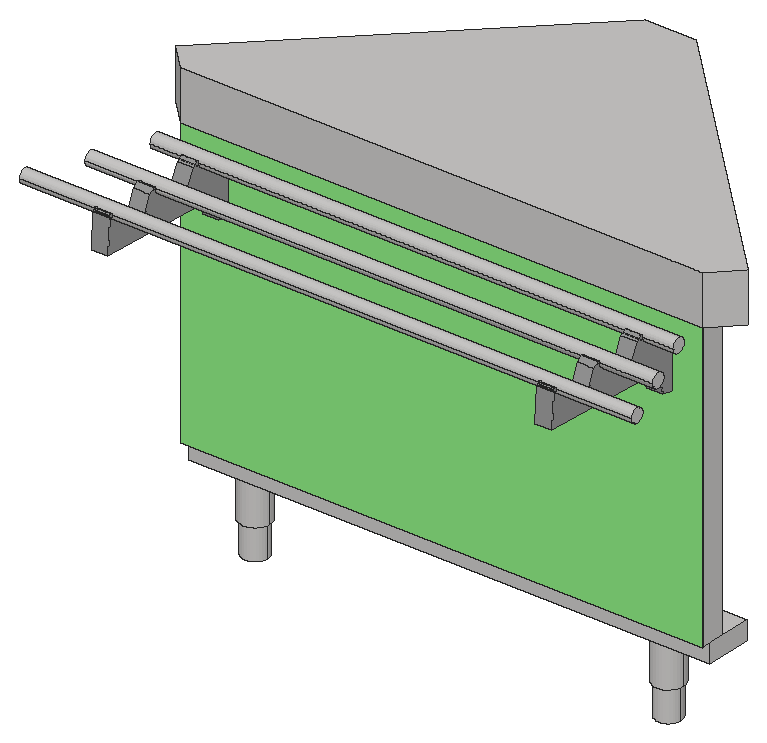
Revit family "QF_BOURGEAT_Self_Meuble_angle90_ouvert_cote_public", category Equipement spécialisé, Revit 2015
Parameters
  URL catalogue = "http://www.bourgeat.fr"
  URL = ""
  Type article = ""
  Spécification du Fabricant = "Meuble d'angle 90°"
  Profondeur hors tout = 758 mm
  Modèle = "854292"
  Longueur hors tout = 932 mm
  Hauteur hors tout = 900 mm
  Fabricant = "BOURGEAT"
  Contact_SAV = "0033(0)4.76.32.14.44"
Reference planes
  plane 1 "Centre (avant/arrière)": y = 0
  plane 2: z = 0
  plane 3 "Centre (gauche/droite)": x = 0
  plane 4: x = -460
  plane 5: x = 460
  plane 6: z = 690
Dimensions and locks
  locked: plane 4 to plane 5 at 920
  plane 4 to plane 3 "Centre (gauche/droite)" to plane 5 = 460 mm, 460 mm
  aligned and locked: level to plane 2
  aligned and locked: plane 5 to nested 2
  aligned and locked: nested 1 to plane 4
  aligned and locked: plane 3 "Centre (gauche/droite)" to nested 3
  aligned and locked: plane 1 "Centre (avant/arrière)" to nested 3
  aligned and locked: nested 4 to nested 3
  aligned and locked: plane 1 "Centre (avant/arrière)" to nested 5
  aligned and locked: plane 3 "Centre (gauche/droite)" to nested 5
  aligned and locked: nested 4 to plane 6
  aligned and locked: nested 5 to nested 3
Nested families
  nested 1: "pied" at (-460, 56, 0), type "pied"
  nested 2: "pied" at (460, 56, 0), type "pied"
  nested 3: "corps_meuble90" at (0, 0, 0), type "dessus90"
  nested 4: "barre_et_console_meuble90" at (0, 1.654, 515) x (-1, 0, 0) z (0, 0, 1), type "barre_et_console_meuble90"
  nested 5: "dessus_90" at (0, 0, 840), type "dessus_angle_90"
Definition of nested family "pied"
  Reference planes
    plane 1 "Centre (avant/arrière)": y = 0
    plane 2: z = 0
    plane 3 "Centre (gauche/droite)": x = 0
  Forms (mm)
    Revolve 1, solid
      sketch origin (0, 0, 0) x (1, 0, 0) y (0, 0, 1)
        loop
          line (0, 160) -> (-33, 160) -> (-33, 70) -> (-28, 70) -> (-28, 0) -> (0, 0) -> (0, 160)
        axis (0, 160) -> (0, 0)
      angle from 0 to 360
  Dimensions and locks
    plane 3 "Centre (gauche/droite)" to Revolve 1 sketch curve = 28 mm
    Revolve 1 sketch curve to plane 3 "Centre (gauche/droite)" = 33 mm
    Revolve 1 sketch curve to plane 2 = 70 mm
    Revolve 1 sketch curve to Revolve 1 sketch curve = 90 mm
    aligned and locked: level to plane 2
Definition of nested family "corps_meuble90"
  Parameters (values of type "dessus90")
    URL = ""
    Model = ""
    Manufacturer = ""
  Reference planes
    plane 1 "Centre (avant/arrière)": y = 0
    plane 2: z = 0
    plane 3 "Centre (gauche/droite)": x = 0
    plane 4: x = -42.5
    plane 5: x = 42.5
    plane 6: y = 777
    plane 7: x = 580
    plane 8: x = -580
    plane 9: x = 636.5
    plane 10: x = -636.5
    plane 11: y = 21
    plane 12: y = 125
    plane 13: z = 42
    plane 14: z = 160
    plane 15: z = 202
    plane 16: y = 54
    plane 17: y = 1.654
    plane 18: z = 840
  Forms (mm)
    Extrusion 1, solid
      sketch origin (0, 0, 0) x (1, 0, 0) y (0, 1, 0)
        loop
          line (-580, 125) -> (-580, 21) -> (580, 21) -> (580, 125) -> (-580, 125)
      from 160 to 202
    Extrusion 2, solid
      sketch origin (0, 0, 0) x (1, 0, 0) y (0, 1, 0)
        loop
          line (-580, 54) -> (-580, 1.654) -> (580, 1.654) -> (580, 54) -> (-580, 54)
      from 840 to 202
    Extrusion 3, solid
      sketch origin (0, 0, 0) x (1, 0, 0) y (0, 0, 1)
        loop
          line (-580, 840) -> (-580, 202) -> (580, 202) -> (580, 840) -> (-580, 840)
      from 0 to -1.654
  Dimensions and locks
    plane 4 to plane 5 = 85 mm
    locked: plane 6 to plane 1 "Centre (avant/arrière)" at 777
    equal spacing: plane 4, plane 3 "Centre (gauche/droite)", plane 5
    plane 8 to plane 3 "Centre (gauche/droite)" to plane 7 = 580 mm, 580 mm
    plane 10 to plane 3 "Centre (gauche/droite)" to plane 9 = 636.5 mm, 636.5 mm
    locked: plane 1 "Centre (avant/arrière)" to plane 11 at 21
    plane 12 to plane 11 = 104 mm
    locked: plane 14 to plane 2 at 160
    locked: plane 16 to plane 11 at 33
    plane 18 to plane 2 = 840 mm
    aligned and locked: level to plane 2
    aligned and locked: Extrusion 1 sketch curve to plane 8
    aligned and locked: Extrusion 1 sketch curve to plane 7
    aligned and locked: plane 11 to Extrusion 1 sketch curve
    aligned and locked: Extrusion 1 to plane 12
    aligned and locked: Extrusion 1 to plane 15
    aligned and locked: Extrusion 1 to plane 14
    aligned and locked: Extrusion 2 sketch curve to plane 16
    aligned and locked: Extrusion 2 sketch curve to plane 8
    aligned and locked: Extrusion 2 sketch curve to plane 7
    aligned and locked: plane 18 to Extrusion 2
    aligned and locked: Extrusion 2 sketch curve to plane 17
    aligned and locked: Extrusion 3 sketch curve to Extrusion 2  (x3)
    aligned and locked: Extrusion 3 sketch curve to Extrusion 1
    aligned and locked: Extrusion 3 to plane 17
  Automatic sketch dimensions
    plane 12 to Extrusion 1 sketch curve = 0 mm
Definition of nested family "barre_et_console_meuble90"
  Parameters (values of type "barre_et_console_meuble90")
    lg_ht = 2335 mm
    lg_barre_console = lg_ht - 44 mm  # 2291 mm
  Reference planes
    plane 1 "Centre (avant/arrière)": y = 0
    plane 2: z = 0
    plane 3 "Centre (gauche/droite)": x = 0
    plane 4: x = -494
    plane 5: x = 494
    plane 6: z = 320.378
    plane 7: z = 175
    plane 8: y = 70
  Dimensions and locks
    locked: plane 1 "Centre (avant/arrière)" to plane 8 at 70
    locked: nested 3 to plane 4 at 88
    locked: plane 5 to nested 3 at 88
    aligned and locked: level to plane 2
    aligned and locked: nested 1 to plane 1 "Centre (avant/arrière)"
    aligned and locked: plane 4 to nested 1
    aligned and locked: plane 5 to nested 2
    aligned and locked: plane 7 to nested 1
    aligned and locked: nested 3 to plane 3 "Centre (gauche/droite)"
    aligned and locked: nested 3 to plane 8
    aligned and locked: nested 3 to plane 6
  Nested families
    nested 1: "console" at (-494, 0, 0) x (0, 1, 0) z (0, 0, 1), type "console"
    nested 2: "console" at (494, 0, 0) x (0, 1, 0) z (0, 0, 1), type "console"
    nested 3: "barre_angle" at (0, 379, 19.415) x (0, -1, 0) z (0, 0, 1), type "barre_angle"
  Definition of nested family "console"
    Reference planes
      plane 1 "Centre (avant/arrière)": y = 0
      plane 2: z = 0
      plane 3 "Centre (gauche/droite)": x = 0
      plane 4: y = 18
      plane 5: y = -18
      plane 6: y = 0
    Forms (mm)
      Extrusion 1, solid
        sketch origin (-12.245, 0, 175) x (1, 0, 0) y (0, 0, 1)
          loop
            line (12.245, 100) -> (12.245, 0) -> (39.579, 4.82) -> (50.894, 44.279)
            arc (50.894, 44.279) -> (55.986, 52.254) -> (64.592, 56.187) r 16.714
            line (64.592, 56.187) -> (348.499, 69.146) -> (343.309, 143.358)
            arc (343.309, 143.358) -> (342.973, 144.595) -> (342.189, 145.609) r 3.292
            line (342.189, 145.609) -> (337.923, 148.439)
            arc (337.923, 148.439) -> (337.371, 148.545) -> (336.906, 148.229) r 0.731
            arc (336.906, 148.229) -> (320.176, 130.386) -> (309.012, 152.149) r 14.958
            arc (309.012, 152.149) -> (308.597, 152.587) -> (308.001, 152.491) r 0.646
            line (308.001, 152.491) -> (297.265, 144.401) -> (278.874, 108.385)
            arc (278.874, 108.385) -> (262.102, 99.164) -> (245.329, 108.385) r 19.864
            line (245.329, 108.385) -> (229.634, 139.188) -> (217.945, 148.321)
            arc (217.945, 148.321) -> (217.306, 148.53) -> (216.976, 147.944) r 0.53
            arc (216.976, 147.944) -> (200.124, 130.629) -> (188.973, 152.064) r 14.905
            arc (188.973, 152.064) -> (188.691, 152.524) -> (188.154, 152.476) r 0.511
            line (188.154, 152.476) -> (177.098, 144.144) -> (158.855, 108.341)
            arc (158.855, 108.341) -> (142.039, 98.901) -> (125.223, 108.341) r 19.698
            line (125.223, 108.341) -> (109.334, 139.526) -> (97.932, 148.434)
            arc (97.932, 148.434) -> (97.187, 148.438) -> (96.994, 147.718) r 0.61
            arc (96.994, 147.718) -> (79.923, 130.663) -> (69.024, 152.192) r 14.902
            arc (69.024, 152.192) -> (68.66, 152.548) -> (68.158, 152.464) r 0.563
            line (68.158, 152.464) -> (57.103, 144.336) -> (39.164, 108.745)
            arc (39.164, 108.745) -> (33.443, 102.448) -> (25.295, 100) r 15.908
            line (25.295, 100) -> (12.245, 100)
        from -18 to 18
    Dimensions and locks
      plane 4 to plane 5 = 36 mm
      equal spacing: plane 4, plane 6, plane 5, locked at 18 each
      aligned and locked: level to plane 2
      aligned and locked: plane 4 to Extrusion 1
      aligned and locked: Extrusion 1 to plane 5
      aligned and locked: plane 6 to plane 1 "Centre (avant/arrière)"
      aligned and locked: Extrusion 1 to plane 3 "Centre (gauche/droite)"
    Automatic sketch dimensions
      Extrusion 1 sketch curve to Extrusion 1 sketch curve = 12.714 mm
      Extrusion 1 sketch curve to Extrusion 1 sketch curve = 13.05 mm
      Extrusion 1 sketch curve to Extrusion 1 sketch curve = 14.206 mm
      Extrusion 1 sketch curve to Extrusion 1 sketch curve = 27.334 mm
      Extrusion 1 sketch curve to Extrusion 1 sketch curve = 11.315 mm
      Extrusion 1 sketch curve to Extrusion 1 sketch curve = 17.938 mm
      Extrusion 1 sketch curve to Extrusion 1 sketch curve = 13.698 mm
      Extrusion 1 sketch curve to Extrusion 1 sketch curve = 16.057 mm
      Extrusion 1 sketch curve to Extrusion 1 sketch curve = 11.055 mm
      Extrusion 1 sketch curve to Extrusion 1 sketch curve = 0.333 mm
      Extrusion 1 sketch curve to Extrusion 1 sketch curve = 13.785 mm
      Extrusion 1 sketch curve to Extrusion 1 sketch curve = 15.28 mm
      Extrusion 1 sketch curve to Extrusion 1 sketch curve = 0.376 mm
      Extrusion 1 sketch curve to Extrusion 1 sketch curve = 11.401 mm
      Extrusion 1 sketch curve to Extrusion 1 sketch curve = 15.89 mm
      Extrusion 1 sketch curve to Extrusion 1 sketch curve = 16.816 mm  (x2)
      Extrusion 1 sketch curve to Extrusion 1 sketch curve = 18.243 mm
      Extrusion 1 sketch curve to Extrusion 1 sketch curve = 11.057 mm
      Extrusion 1 sketch curve to Extrusion 1 sketch curve = 0.308 mm
      Extrusion 1 sketch curve to Extrusion 1 sketch curve = 13.831 mm
      Extrusion 1 sketch curve to Extrusion 1 sketch curve = 15.204 mm
      Extrusion 1 sketch curve to Extrusion 1 sketch curve = 0.447 mm
      Extrusion 1 sketch curve to Extrusion 1 sketch curve = 11.69 mm
      Extrusion 1 sketch curve to Extrusion 1 sketch curve = 15.695 mm
      Extrusion 1 sketch curve to Extrusion 1 sketch curve = 16.772 mm  (x2)
      Extrusion 1 sketch curve to Extrusion 1 sketch curve = 18.391 mm
      Extrusion 1 sketch curve to Extrusion 1 sketch curve = 10.737 mm
      Extrusion 1 sketch curve to Extrusion 1 sketch curve = 0.389 mm
      Extrusion 1 sketch curve to Extrusion 1 sketch curve = 13.868 mm
      Extrusion 1 sketch curve to Extrusion 1 sketch curve = 15.261 mm
      Extrusion 1 sketch curve to Extrusion 1 sketch curve = 0.404 mm
      Extrusion 1 sketch curve to Extrusion 1 sketch curve = 2.506 mm
      Extrusion 1 sketch curve to Extrusion 1 sketch curve = 2.164 mm
      Extrusion 1 sketch curve to Extrusion 1 sketch curve = 1.12 mm
      Extrusion 1 sketch curve to Extrusion 1 sketch curve = 5.189 mm
      Extrusion 1 sketch curve to Extrusion 1 sketch curve = 4.639 mm
      Extrusion 1 sketch curve to Extrusion 1 sketch curve = 55.721 mm
      Extrusion 1 sketch curve to Extrusion 1 sketch curve = 8.745 mm
      Extrusion 1 sketch curve to Extrusion 1 sketch curve = 10.259 mm
      Extrusion 1 sketch curve to Extrusion 1 sketch curve = 10.642 mm
      Extrusion 1 sketch curve to Extrusion 1 sketch curve = 9.133 mm
      Extrusion 1 sketch curve to Extrusion 1 sketch curve = 31.185 mm
      Extrusion 1 sketch curve to Extrusion 1 sketch curve = 35.803 mm
      Extrusion 1 sketch curve to Extrusion 1 sketch curve = 35.592 mm
      Extrusion 1 sketch curve to Extrusion 1 sketch curve = 3.24 mm
      Extrusion 1 sketch curve to Extrusion 1 sketch curve = 2.946 mm
      Extrusion 1 sketch curve to Extrusion 1 sketch curve = 1.042 mm
      Extrusion 1 sketch curve to Extrusion 1 sketch curve = 0.609 mm
      Extrusion 1 sketch curve to Extrusion 1 sketch curve = 8.427 mm
      Extrusion 1 sketch curve to Extrusion 1 sketch curve = 0.286 mm
      Extrusion 1 sketch curve to Extrusion 1 sketch curve = 0.481 mm
      Extrusion 1 sketch curve to Extrusion 1 sketch curve = 0.516 mm
      Extrusion 1 sketch curve to Extrusion 1 sketch curve = 7.674 mm
      Extrusion 1 sketch curve to Extrusion 1 sketch curve = 7.924 mm
      Extrusion 1 sketch curve to Extrusion 1 sketch curve = 0.453 mm
      Extrusion 1 sketch curve to Extrusion 1 sketch curve = 0.408 mm
      Extrusion 1 sketch curve to Extrusion 1 sketch curve = 0.533 mm
      Extrusion 1 sketch curve to Extrusion 1 sketch curve = 0.511 mm
      Extrusion 1 sketch curve to Extrusion 1 sketch curve = 0.622 mm
      Extrusion 1 sketch curve to Extrusion 1 sketch curve = 4.82 mm
      Extrusion 1 sketch curve to Extrusion 1 sketch curve = 34.82 mm
      Extrusion 1 sketch curve to Extrusion 1 sketch curve = 76.232 mm
      Extrusion 1 sketch curve to Extrusion 1 sketch curve = 37.038 mm
      Extrusion 1 sketch curve to Extrusion 1 sketch curve = 39.239 mm
      Extrusion 1 sketch curve to Extrusion 1 sketch curve = 30.803 mm
      Extrusion 1 sketch curve to Extrusion 1 sketch curve = 34.743 mm
      Extrusion 1 sketch curve to Extrusion 1 sketch curve = 0.23 mm
      Extrusion 1 sketch curve to Extrusion 1 sketch curve = 36.015 mm
      Extrusion 1 sketch curve to Extrusion 1 sketch curve = 2.071 mm
      Extrusion 1 sketch curve to Extrusion 1 sketch curve = 7.575 mm
      Extrusion 1 sketch curve to plane 3 "Centre (gauche/droite)" = 0 mm
      level to Extrusion 1 sketch curve = 175 mm
  Definition of nested family "barre_angle"
    Parameters (values of type "barre_angle")
      lg_barre = 2291 mm
    Reference planes
      plane 1 "Centre (avant/arrière)": y = 0
      plane 2: z = 0
      plane 3 "Centre (gauche/droite)": x = 0
      plane 4: x = 70
      plane 5: x = 190
      plane 6: x = 309
      plane 7: z = 300.963
      plane 8: z = 94.658
      plane 9: y = 582
      plane 10: y = -582
      plane 11: y = 631.5
      plane 12: y = -631.5
      plane 13: y = 681
      plane 14: y = -681
    Forms (mm)
      Extrusion 1, solid
        sketch origin (0, 0, 0) x (1, 0, 0) y (0, 0, 1)
          loop
            circle (309, 300.963) r 15
        from 582 to -582
      Extrusion 2, solid
        sketch origin (0, 0, 0) x (1, 0, 0) y (0, 0, 1)
          loop
            circle (190, 300.963) r 15
        from -631.5 to 631.5
      Extrusion 3, solid
        sketch origin (0, 0, 0) x (1, 0, 0) y (0, 0, 1)
          loop
            circle (70, 300.963) r 15
        from -681 to 681
    Dimensions and locks
      plane 4 to plane 3 "Centre (gauche/droite)" = 70 mm
      plane 6 to plane 5 to plane 4 = 119 mm, 120 mm
      locked: plane 9 to plane 10 at 1164
      locked: plane 11 to plane 12 at 1263
      locked: plane 13 to plane 14 at 1362
      equal spacing: plane 14, plane 1 "Centre (avant/arrière)", plane 13
      equal spacing: plane 11, plane 1 "Centre (avant/arrière)", plane 12
      equal spacing: plane 9, plane 1 "Centre (avant/arrière)", plane 10
      aligned and locked: level to plane 2
      aligned and locked: plane 10 to Extrusion 1
      aligned and locked: plane 11 to Extrusion 2
      aligned and locked: plane 13 to Extrusion 3
      aligned and locked: plane 14 to Extrusion 3
      aligned and locked: plane 12 to Extrusion 2
      aligned and locked: plane 9 to Extrusion 1
    Automatic sketch dimensions
      Extrusion 1 sketch curve to plane 6 = 0 mm
      Extrusion 1 sketch curve to plane 7 = 0 mm
      Extrusion 2 sketch curve to plane 5 = 0 mm
      Extrusion 2 sketch curve to plane 7 = 0 mm
      Extrusion 3 sketch curve to plane 4 = 0 mm
      Extrusion 3 sketch curve to plane 7 = 0 mm
      radius of Extrusion 1 sketch curve = 15 mm
      radius of Extrusion 2 sketch curve = 15 mm
      radius of Extrusion 3 sketch curve = 15 mm
Definition of nested family "dessus_90"
  Parameters (values of type "dessus_angle_90")
    URL = ""
    Niveau_sonore = ""
    Model = ""
    Manufacturer = ""
    Consommation_energetique = ""
    Classe_energetique = ""
    Classe_climatique = ""
  Reference planes
    plane 1 "Centre (avant/arrière)": y = 0
    plane 2: z = 0
    plane 3 "Centre (gauche/droite)": x = 0
    plane 4: z = 235
    plane 5: z = 465
    plane 6: z = 284
    plane 7: z = 640
    plane 8: x = -56.5
    plane 9: x = 56.5
    plane 10: y = 636
    plane 11: x = 580
    plane 12: x = -580
    plane 13: x = 636.5
    plane 14: x = -636.5
    plane 15: y = 56
    plane 16: z = 110
    plane 17: z = 60
    plane 18: y = 91
  Forms (mm)
    Extrusion 1, solid
      sketch origin (0, 0, 0) x (1, 0, 0) y (0, 1, 0)
        loop
          line (-56.5, 636) -> (-636.25, 56.25) -> (-580, 0) -> (580, 0) -> (636.25, 56.25) -> (56.5, 636) -> (-56.5, 636)
      from 0 to 110
    Extrusion 2, void
      sketch origin (0, 0, 0) x (0, 1, 0) y (0, 0, 1)
        loop
          line (56, 60) -> (56, -100) -> (916, -100) -> (916, 60) -> (56, 60)
      from -689.709 to 585.355
  Cuts and joins
    Extrusion 2 cuts Extrusion 1
  Dimensions and locks
    locked: plane 4 to plane 2 at 235
    locked: plane 6 to plane 2 at 284
    locked: plane 7 to plane 2 at 640
    locked: plane 8 to plane 9 at 113
    plane 10 to plane 1 "Centre (avant/arrière)" = 636 mm
    plane 12 to plane 3 "Centre (gauche/droite)" to plane 11 = 580 mm, 580 mm
    plane 14 to plane 3 "Centre (gauche/droite)" to plane 13 = 636.5 mm, 636.5 mm
    plane 1 "Centre (avant/arrière)" to plane 15 = 56 mm
    locked: plane 16 to plane 2 at 110
    locked: plane 17 to plane 2 at 60
    locked: plane 15 to plane 18 at 35
    plane 8 to plane 3 "Centre (gauche/droite)" = 56.5 mm
    plane 14 to plane 13 = 1273 mm
    plane 12 to plane 11 = 1160 mm
    aligned and locked: level to plane 2
    aligned and locked: Extrusion 1 to plane 16
    aligned and locked: Extrusion 1 sketch curve to plane 10
    aligned and locked: plane 8 to Extrusion 1 sketch curve
    aligned and locked: plane 9 to Extrusion 1 sketch curve
